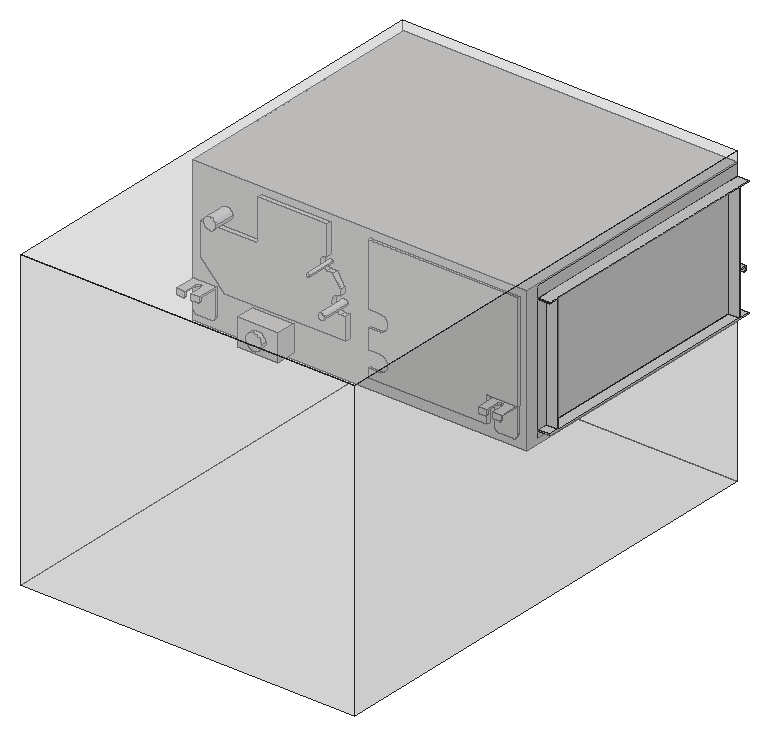
Revit family "outputfile", category 機械設備, Revit 2024
Family settings
  丸型コネクタ寸法 = 半径を使用
  パーツ タイプ = 標準
  OmniClass 番号 = 23.75.10.24.21.27.27
  OmniClass タイトル = Split System Air Conditioning Units
  作業面ベース = いいえ
  常に垂直 = はい
  ロード時にボイドで切り取り = いいえ
  注釈の向きを維持 = いいえ
  共有 = いいえ
  部屋計算ポイント = はい
Parameters (values of type "FXMQ32PAVS")
  Description = ""
  製造元 = "Daikin"
  書き出し IFC クラス(タイプ) = "IfcUnitaryEquipmentType"
  定義済み IFC タイプ(タイプ) = "AIRCONDITIONINGUNIT"
  Cost = 0
  モデル = "FXMQ32PAVS"
  Type Comments = ""
  Keynote = ""
  Type Image = (empty or 0)
  Assembly Code = ""
  r_Liquid Pipe Size = Liquid Pipe Size / 2  # 3.2 mm
  r_Gas Pipe Size = Gas Pipe Size / 2  # 6.35 mm
  r_Drain Pipe Size = Drain Pipe Size / 2  # 12.5 mm
  lw_power = 396.0 mm  # constant formula
  lh_SA = 165.0 mm  # constant formula
  lw_SA = if(Depth = 550.0 mm, 210.0 mm, if(Depth = 700.0 mm, 285.0 mm, if(Depth = 1000.0 mm, 435.0 mm, 635.0 mm)))  # 210.0 mm
  lw_RA = if(Depth = 550.0 mm, 288.0 mm, if(Depth = 700.0 mm, 363.0 mm, if(Depth = 1000.0 mm, 513.0 mm, 713.0 mm)))  # 288.0 mm
  lh_power = 60.0 mm + [h***]  # 60.0 mm
  lh_mountinghole1 = lh_mountinghole + [h***]  # 80.0 mm
  lh_RA = 150.0 mm  # constant formula
  ld_power = Depth / 2  # 275.0 mm
  Voltage_comment_50Hz = "220-240"
  Voltage_50Hz = 220 V
  URL = ""
  Supply Air Direction [instance] = yes
  Sound Power Level_H speed (dB) = 52
  Phase_50Hz = 1
  Minimum External Static Pressure = 30.00 Pa
  Minimum Circuit Amps_50Hz = 0.6 A
  Maximum Fuse Amps_50Hz = 16.0 A
  Maximum External Static Pressure = 100.00 Pa
  Material_Casing = DAIKIN_GalvanizedSteel_Casing_indoorunit
  lw_mountinghole = 631.0 mm  # constant formula
  lh_gaspipe = 144.0 mm + [h***]  # 144.0 mm
  lh_mountinghole = 80.0 mm  # constant formula
  lh_liquidpipe = 212.0 mm + [h***]  # 212.0 mm
  lh_drainpipe = 232.0 mm + [h***]  # 232.0 mm
  lh_antena = Height - lh_mountinghole + 1.0 mm  # 221.0 mm
  ld_drainpipe = Depth / 2 + 54.0 mm  # 329.0 mm
  ld_liquidpipe = 335.0 mm
  ld_gaspipe = 335.0 mm
  ld_mountinghole = Depth + 38.0 mm  # 588.0 mm
  h*** = 0.0 mm  # constant formula
  lw_liquidpipe = 290.0 mm  # constant formula
  lw_gaspipe = 318.0 mm  # constant formula
  lw_drainpipe = 80.0 mm  # constant formula
  Width = 700.0 mm
  Version = "ver.1.0"
  Unit Type = "Middle-High Static Pressure Duct Type"
  Unit Mass Weight = 25.00 kg
  Unit Designation [instance] = ""
  Uniclass2015Version = "Products v1.30"
  Uniclass2015Title = "Variable refrigerant flow units"
  Uniclass2015Code = "Pr_70_65_03_94"
  Total Heating Capacity [instance] = 0.000 kW
  Total Cooling Capacity [instance] = 0.000 kW
  Sound Pressure Level_M speed (dBA) = 0
  Sound Pressure Level_L speed (dBA) = 30
  Sound Pressure Level_H speed (dBA) = 34
  Series = "VRV Fan Coil Unit"
  Sensible Cooling Capacity [instance] = 0.000 kW
  SA Duct Size Width = if(Depth = 550.0 mm, 310.0 mm, if(Depth = 700.0 mm, 460.0 mm, if(Depth = 1000.0 mm, 760.0 mm, 1160.0 mm)))  # 310.0 mm
  SA Duct Size Height = 215.0 mm
  Refrigerant Type = "R410A"
  RA Duct Size Width = if(Depth = 550.0 mm, 475.0 mm, if(Depth = 700.0 mm, 625.0 mm, if(Depth = 1000.0 mm, 925.0 mm, 1325.0 mm)))  # 475.0 mm
  RA Duct Size Height = 247.0 mm
  Power Input (Heating) = 0.073 kW
  Power Input (Cooling) = 0.085 kW
  Option Accessory 3 [instance] = ""
  Option Accessory 2 [instance] = ""
  Option Accessory 1 [instance] = ""
  Nominal Heating Capacity = 4.000 kW
  Nominal Cooling Capacity = 3.600 kW
  Minimum Airflow = 420.00 m³/h
  Median Airflow = 480.00 m³/h
  Maximum Airflow = 570.00 m³/h
  Load Classification = HVAC
  Liquid Pipe Size = 6.4 mm
  Link_Nested Family [instance] = ""
  IfcVersion = "0"
  IfcExportType = "AIRCONDITIONINGUNIT"
  IfcExportAs = "IfcUnitaryEquipmentType"
  Height = 300.0 mm
  Heating Entering Wet Bulb Temperature [instance] = 0.00 °C
  Heating Entering Dry Bulb Temperature [instance] = 0.00 °C
  Heating Ambient Wet Bulb Temperature [instance] = 0.00 °C
  Heating Ambient Dry Bulb Temperature [instance] = 0.00 °C
  Heat Exchanger Type = "Cross Fin Coil"
  Gas Pipe Size = 12.7 mm
  Frequency_50Hz = 50 Hz
  Fan Type = "Sirocco Fan"
  Fan Drive = "Direct Drive"
  FCU Tag No. [instance] = ""
  Drain Pipe Size = 25.0 mm
  Design Supply Airflow [instance] = 0.00 m³/h
  Design Return Airflow [instance] = 0.00 m³/h
  Design External Static Pressure [instance] = 0.00 Pa
  Depth = 550.0 mm
  既定の高さ = 0.0 mm
  Cooling Entering Wet Bulb Temperature [instance] = 0.00 °C
  Cooling Entering Dry Bulb Temperature [instance] = 0.00 °C
  Cooling Ambient Wet Bulb Temperature [instance] = 0.00 °C
  Cooling Ambient Dry Bulb Temperature [instance] = 0.00 °C
  Clearance visibility [instance] = yes
  Clearance Top = 20.0 mm
  Clearance Right = 0.0 mm
  Clearance Rear = 0.0 mm
  Clearance Left = 0.0 mm
  Clearance Front = 450.0 mm
  Clearance Bottom = 300.0 mm
Reference planes
  plane 1 "Center (Front/Back)": y = 0
  plane 2 "h": z = 0
  plane 3 "Center (Left/Right)": x = 0
  plane 4 "Back": y = 275
  plane 5 "Front": y = -275
  plane 6 "Left": x = -350
  plane 7 "Reight": x = 350
  plane 8 "Top": z = 0
  plane 9 "Bottom": z = -300
  plane 10: y = -215
  plane 11: y = 275
  plane 12: y = -725
  plane 13: x = -350
  plane 14: x = 350
  plane 15: z = 20
  plane 16: z = -600
  plane 17: x = -350
  plane 18: z = -135
  plane 19: x = -349
  plane 20: x = 349
  plane 21: y = 65
  plane 22: y = 13
  plane 23: z = -150
  plane 24: y = -285.8
  plane 25: z = -14
  plane 26: z = -219
  plane 27: x = -324
  plane 28: x = -60
  plane 29: x = -20
  plane 30: z = -156
  plane 31: x = -32
  plane 32: z = -88
  plane 33: x = 23
  plane 34: x = 335
  plane 35: z = -15.8
  plane 36: z = -274.8
  plane 37: z = -219.8
  plane 38: x = 271
  plane 39: x = -223.3
  plane 40: x = -138.3
  plane 41: z = -232.7
  plane 42: z = -288.5
  plane 43: y = -316
  plane 44: x = -181
  plane 45: z = -260
  plane 46: y = -326
  plane 47: z = -163.8
  plane 48: z = -239.8
  plane 49: x = 46
  plane 50: z = -88
  plane 51: x = -60
  plane 52: y = -335
  plane 53: z = -156
  plane 54: x = -32
  plane 55: y = -329
  plane 56: z = -68
  plane 57: x = -270
  plane 58: x = -270
  plane 59: x = -60
  plane 60: x = -32
  plane 61: x = 46
  plane 62: x = -323
  plane 63: x = 308
  plane 64: y = -294
  plane 65: y = 294
  plane 66: z = -220
  plane 67: y = -281
  plane 68: x = -204
  plane 69: z = -100.2
  plane 70: x = -374
  plane 71: x = 374
Forms (mm)
  Extrusion 1, solid, material "DAIKIN_GalvanizedSteel_Casing_indoorunit" <- "Material_Casing"
    sketch origin (0, 0, 0) x (1, 0, 0) y (0, 1, 0)
      loop
        line (-349, 275) -> (-349, -275) -> (349, -275) -> (349, 275) -> (-349, 275)
    from -300 to 0
  Extrusion 2, solid, material "DAIKIN_GalvanizedSteel_Casing_indoorunit" <- "Material_Casing"
    sketch origin (0, 0, 0) x (1, 0, 0) y (0, 0, 1)
      loop
        line (-324, -100.2) -> (-324, -168) -> (-273, -219) -> (-20, -219) -> (-20, -173.5) -> (-32, -173.5)
        arc (-32, -173.5) -> (-49.5, -156) -> (-32, -138.5) r 17.5
        line (-32, -138.5) -> (-32, -127.5) -> (-47, -101) -> (-60, -101)
        arc (-60, -101) -> (-73, -88) -> (-60, -75) r 13
        line (-60, -75) -> (-60, -14) -> (-204, -14) -> (-204, -100.2) -> (-324, -100.2)
    from 275 to 285.8
  Extrusion 3, solid, material "DAIKIN_GalvanizedSteel_Casing_indoorunit" <- "Material_Casing"
    sketch origin (0, 0, 0) x (1, 0, 0) y (0, 0, 1)
      loop
        line (23, -274.8) -> (271, -274.8) -> (271, -219.8) -> (335, -219.8) -> (335, -15.8) -> (23, -15.8) -> (23, -146.3) -> (46, -146.3)
        arc (46, -146.3) -> (63.5, -163.8) -> (46, -181.3) r 17.5
        line (46, -181.3) -> (23, -181.3) -> (23, -222.3) -> (46, -222.3)
        arc (46, -222.3) -> (63.5, -239.8) -> (46, -257.3) r 17.5
        line (46, -257.3) -> (23, -257.3) -> (23, -274.8)
    from 275 to 281
  Extrusion 4, solid, material "DAIKIN_GalvanizedSteel_Casing_indoorunit" <- "Material_Casing"
    sketch origin (0, 0, 0) x (1, 0, 0) y (0, 0, 1)
      loop
        line (-223.3, -232.7) -> (-223.3, -288.5) -> (-138.3, -288.5) -> (-138.3, -232.7) -> (-223.3, -232.7)
    from 275 to 316
  Extrusion 5, solid, material "DAIKIN_GalvanizedSteel_Casing_indoorunit" <- "Material_Casing"
    sketch origin (0, 0, 0) x (1, 0, 0) y (0, 0, 1)
      loop
        circle (-181, -260) r 16.5
    from 316 to 326
  Extrusion 6, solid
    sketch origin (0, 0, 0) x (1, 0, 0) y (0, 0, 1)
      loop
        circle (-60, -88) r 3.2
    from 275 to 335
  Extrusion 7, solid
    sketch origin (0, 0, 0) x (1, 0, 0) y (0, 0, 1)
      loop
        circle (-32, -156) r 6.35
    from 275 to 335
  Extrusion 8, solid
    sketch origin (0, 0, 0) x (1, 0, 0) y (0, 0, 1)
      loop
        circle (-270, -68) r 12.5
    from 285.8 to 329
Dimensions and locks
  "Height": plane 8 "Top" to plane 9 "Bottom"
  equal spacing: plane 4 "Back", plane 1 "Center (Front/Back)", plane 5 "Front"
  "Depth": plane 4 "Back" to plane 5 "Front"
  equal spacing: plane 6 "Left", plane 3 "Center (Left/Right)", plane 7 "Reight"
  "Width": plane 6 "Left" to plane 7 "Reight"
  "Clearance Left": plane 13 to plane 6 "Left"
  "Clearance Right": plane 7 "Reight" to plane 14
  "Clearance Rear": plane 11 to plane 4 "Back"
  "Clearance Front": plane 5 "Front" to plane 12
  "Clearance Top": plane 15 to plane 8 "Top"
  "Clearance Bottom": plane 9 "Bottom" to plane 16
  "lh_SA": plane 18 to plane 9 "Bottom"
  locked: plane 17 to plane 19 at 1
  locked: plane 20 to plane 14 at 1
  "lw_SA": plane 11 to plane 21
  "lw_RA": plane 22 to plane 5 "Front"
  "lh_RA": plane 23 to plane 9 "Bottom"
  locked: plane 5 "Front" to plane 24 at 10.8
  plane 29 to plane 28 to plane 27 to plane 6 "Left" = 40.0 mm, 264.0 mm, 26.0 mm
  locked: plane 31 to plane 6 "Left" at 318
  plane 34 to plane 33 to plane 6 "Left" = 312.0 mm locked, 373.0 mm locked
  locked: plane 34 to plane 38 at 64
  locked: plane 37 to plane 36 at 55
  plane 40 to plane 39 to plane 6 "Left" = 85.0 mm locked, 126.7 mm locked
  locked: plane 5 "Front" to plane 43 at 41
  locked: plane 44 to plane 6 "Left" at 169
  locked: plane 43 to plane 46 at 10
  plane 47 to plane 48 to plane 36 = 76.0 mm locked, 35.0 mm locked
  locked: plane 49 to plane 33 at 23
  "lw_liquidpipe": plane 51 to plane 6 "Left"
  "lh_liquidpipe": plane 50 to plane 9 "Bottom"
  "lh_gaspipe": plane 53 to plane 9 "Bottom"
  "lw_gaspipe": plane 54 to plane 6 "Left"
  "ld_gaspipe": plane 52 to plane 1 "Center (Front/Back)"
  "ld_drainpipe": plane 55 to plane 1 "Center (Front/Back)"
  "lh_drainpipe": plane 56 to plane 9 "Bottom"
  "lw_drainpipe": plane 57 to plane 6 "Left"
  "lw_drainpipe": plane 6 "Left" to plane 58
  "lw_liquidpipe": plane 6 "Left" to plane 59
  "lw_gaspipe": plane 6 "Left" to plane 60
  "lw_power": plane 6 "Left" to plane 61
  plane 17 to plane 62 = 27.0 mm
  "lw_mountinghole": plane 62 to plane 63
  equal spacing: plane 64, plane 1 "Center (Front/Back)", plane 65
  "ld_mountinghole": plane 65 to plane 64
  "lh_mountinghole": plane 66 to plane 9 "Bottom"
  plane 8 "Top" to plane 41 to plane 42 = 232.7 mm locked, 55.8 mm locked
  locked: plane 8 "Top" to plane 45 at 260
  plane 8 "Top" to plane 25 to plane 26 = 14.0 mm locked, 205.0 mm locked
  plane 8 "Top" to plane 32 to plane 30 = 88.0 mm locked, 68.0 mm locked
  plane 8 "Top" to plane 35 to plane 36 = 15.8 mm locked, 259.0 mm locked
  locked: plane 5 "Front" to plane 67 at 6
  locked: plane 25 to plane 69 at 86.2
  locked: plane 27 to plane 68 at 120
  locked: plane 70 to plane 6 "Left" at 24
  locked: plane 14 to plane 71 at 24
  "r_Liquid Pipe Size": radius of Extrusion 6 sketch curve
  "r_Gas Pipe Size": radius of Extrusion 7 sketch curve
  "r_Drain Pipe Size": radius of Extrusion 8 sketch curve
  aligned and locked: level to plane 2 "h"
  aligned and locked: plane 8 "Top" to Extrusion 1
  aligned and locked: Extrusion 1 to plane 9 "Bottom"
  aligned and locked: nested 5 to plane 12
  aligned and locked: plane 13 to nested 5
  aligned and locked: plane 14 to nested 5
  aligned and locked: nested 5 to plane 13
  aligned and locked: plane 11 to nested 5
  aligned and locked: plane 15 to nested 5
  aligned and locked: plane 16 to nested 5
  aligned and locked: plane 5 "Front" to Extrusion 1 sketch curve
  aligned and locked: Extrusion 1 to plane 19
  aligned and locked: plane 20 to Extrusion 1
  aligned and locked: nested 7 to plane 19
  aligned and locked: nested 7 to plane 21
  aligned and locked: plane 18 to nested 7
  aligned and locked: plane 20 to nested 8
  aligned and locked: plane 22 to nested 8
  aligned and locked: plane 23 to nested 8
  aligned and locked: Extrusion 2 to plane 24
  aligned and locked: plane 5 "Front" to Extrusion 2
  aligned and locked: plane 36 to Extrusion 3 sketch curve
  aligned and locked: plane 38 to Extrusion 3 sketch curve
  aligned and locked: plane 37 to Extrusion 3 sketch curve
  aligned and locked: Extrusion 3 sketch curve to plane 34
  aligned and locked: Extrusion 3 sketch curve to plane 35
  aligned and locked: Extrusion 3 sketch curve to plane 33
  aligned and locked: plane 5 "Front" to Extrusion 3
  aligned and locked: Extrusion 4 sketch curve to plane 41
  aligned and locked: Extrusion 4 sketch curve to plane 39
  aligned and locked: plane 42 to Extrusion 4 sketch curve
  aligned and locked: plane 40 to Extrusion 4 sketch curve
  aligned and locked: Extrusion 4 to plane 43
  aligned and locked: plane 5 "Front" to Extrusion 4
  aligned and locked: Extrusion 5 sketch curve to plane 44
  aligned and locked: plane 45 to Extrusion 5 sketch curve
  aligned and locked: Extrusion 5 to plane 46
  aligned and locked: plane 43 to Extrusion 5
  aligned and locked: Extrusion 6 sketch curve to plane 51
  aligned and locked: plane 50 to Extrusion 6 sketch curve
  aligned and locked: Extrusion 6 to plane 52
  aligned and locked: plane 5 "Front" to Extrusion 6
  aligned and locked: Extrusion 7 sketch curve to plane 54
  aligned and locked: plane 53 to Extrusion 7 sketch curve
  aligned and locked: Extrusion 7 to Extrusion 6
  aligned and locked: plane 5 "Front" to Extrusion 7
  aligned and locked: Extrusion 8 sketch curve to plane 57
  aligned and locked: plane 56 to Extrusion 8 sketch curve
  aligned and locked: Extrusion 8 to plane 55
  aligned and locked: plane 24 to Extrusion 8
  aligned and locked: nested 3 to plane 55
  aligned and locked: plane 58 to nested 3
  aligned and locked: nested 2 to plane 59
  aligned and locked: nested 2 to plane 52
  aligned and locked: nested 1 to plane 60
  aligned and locked: Extrusion 7 to plane 52
  aligned and locked: nested 1 to plane 52
  aligned and locked: nested 6 to plane 5 "Front"
  aligned and locked: plane 61 to nested 6
  aligned and locked: plane 62 to nested 10
  aligned and locked: nested 10 to plane 5 "Front"
  aligned and locked: plane 63 to nested 9
  aligned and locked: nested 9 to plane 5 "Front"
  aligned and locked: nested 11 to plane 62
  aligned and locked: plane 4 "Back" to nested 11
  aligned and locked: nested 12 to plane 63
  aligned and locked: plane 4 "Back" to nested 12
  aligned and locked: plane 66 to nested 10
  aligned and locked: plane 66 to nested 11
  aligned and locked: plane 66 to nested 9
  aligned and locked: plane 66 to nested 12
  aligned and locked: plane 62 to nested 14
  aligned and locked: nested 14 to plane 65
  aligned and locked: plane 63 to nested 13
  aligned and locked: nested 13 to plane 65
  aligned and locked: plane 63 to nested 16
  aligned and locked: plane 64 to nested 16
  aligned and locked: plane 64 to nested 15
  aligned and locked: plane 62 to nested 15
  aligned and locked: Extrusion 3 to plane 67
  aligned and locked: Extrusion 2 sketch curve to plane 68
  aligned and locked: plane 69 to Extrusion 2 sketch curve
  aligned and locked: nested 17 to plane 21
  aligned and locked: nested 17 to plane 70
  aligned and locked: plane 18 to nested 17
  aligned and locked: plane 22 to nested 18
  aligned and locked: plane 71 to nested 18
  aligned and locked: nested 18 to plane 23
  aligned and locked: nested 4 to plane 3 "Center (Left/Right)"
  aligned and locked: plane 1 "Center (Front/Back)" to nested 4
  aligned and locked: level to plane 8 "Top"
Automatic sketch dimensions
  plane 6 "Left" to Extrusion 1 sketch curve = 1.0 mm
  Extrusion 1 sketch curve to plane 7 "Reight" = 1.0 mm
  Extrusion 1 sketch curve to plane 4 "Back" = 0.0 mm
  Extrusion 3 sketch curve to plane 33 = 0.0 mm  (x2)
  Extrusion 3 sketch curve to plane 47 = 0.0 mm
  Extrusion 3 sketch curve to plane 49 = 0.0 mm  (x4)
  Extrusion 3 sketch curve to plane 48 = 0.0 mm
  Extrusion 3 sketch curve to plane 37 = 2.5 mm
  plane 23 to Extrusion 3 sketch curve = 3.7 mm
  plane 27 to Extrusion 2 sketch curve = 0.0 mm
  Extrusion 2 sketch curve to plane 26 = 0.0 mm
  Extrusion 2 sketch curve to plane 28 = 0.0 mm
  Extrusion 2 sketch curve to plane 31 = 0.0 mm
  Extrusion 2 sketch curve to plane 29 = 0.0 mm
  Extrusion 2 sketch curve to plane 30 = 0.0 mm
  Extrusion 2 sketch curve to plane 32 = 0.0 mm
  Extrusion 2 sketch curve to plane 25 = 0.0 mm
  Extrusion 2 sketch curve to Extrusion 2 sketch curve = 13.0 mm
  Extrusion 2 sketch curve to Extrusion 2 sketch curve = 17.5 mm
  plane 18 to Extrusion 2 sketch curve = 7.5 mm
  Extrusion 2 sketch curve to plane 58 = 3.0 mm
  Extrusion 2 sketch curve to plane 30 = 12.0 mm
  Extrusion 2 sketch curve to Extrusion 2 sketch curve = 0.8 mm
  radius of Extrusion 5 sketch curve = 16.5 mm
Nested families
  nested 1: "daikin_connector_rotate2" at (-32, 0, -156), length <- "ld_gaspipe", built-in parameter 1001364 <- "lh_gaspipe", radius <- "r_Gas Pipe Size", type "daikin_connector_rotate2"
    with radius 6.35 mm, length 335.0 mm, angle_vertical 90.00°
  nested 2: "daikin_connector_rotate2" at (-60, 0, -88), length <- "ld_liquidpipe", built-in parameter 1001364 <- "lh_liquidpipe", radius <- "r_Liquid Pipe Size", type "daikin_connector_rotate2"
    with radius 3.2 mm, length 335.0 mm, angle_vertical 90.00°
  nested 3: "daikin_connector_rotate2" at (-270, 0, -68), length <- "ld_drainpipe", built-in parameter 1001364 <- "lh_drainpipe", radius <- "r_Drain Pipe Size", type "daikin_connector_rotate2"
    with radius 12.5 mm, length 329.0 mm, angle_vertical 90.00°
  nested 4: "daikin_△_symbolicline" at (0, 0, 300) x (0, -1, 0) z (0, 0, 1), built-in parameter 1001364 <- "Height", visible <- "Supply Air Direction", type "daikin_△_symbolicline"
    with length 200.0 mm
  nested 5: "daikin_clearancespace" at (0, -225, -289.881), visible <- "Clearance visibility", show <- "Clearance visibility", Link_Nested Family <- "Link_Nested Family", type "daikin_clearancespace"
    with width 700.0 mm, show yes, height 620.0 mm, depth 1000.0 mm, Link_Nested Family ""
  nested 6: "daikin_connector_rotate2" at (46, 0, -240), built-in parameter 1001364 <- "lh_power", length <- "ld_power", type "daikin_connector_rotate2"
    with radius 10.0 mm, length 275.0 mm, angle_vertical 90.00°
  nested 7: "daikin_ductflange_FXMQ-PAVS2" at (-349, 65, -135) x (0, -1, 0) z (0, 0, 1), type "daikin_ductflange_FXMQ-PAVS2"
  nested 8: "daikin_ductflange_FXMQ-PAVS" at (349, 13, -150) x (0, 1, 0) z (0, 0, 1), type "daikin_ductflange_FXMQ-PAVS"
  nested 9: "daikin_hangerfixture_FXMQ-PAVS" at (308, -275, -220), type "daikin_hangerfixture_FXMQ-PAVS"
  nested 10: "daikin_hangerfixture_FXMQ-PAVS" at (-323, -275, -220), type "daikin_hangerfixture_FXMQ-PAVS"
  nested 11: "daikin_hangerfixture_FXMQ-PAVS" at (-323, 275, -220) x (-1, 0, 0) z (0, 0, 1), type "daikin_hangerfixture_FXMQ-PAVS"
  nested 12: "daikin_hangerfixture_FXMQ-PAVS" at (308, 275, -220) x (-1, 0, 0) z (0, 0, 1), type "daikin_hangerfixture_FXMQ-PAVS"
  nested 13: "daikin_mountinghole" at (308, 294, -300), h_mountinghole <- "lh_mountinghole1", l_antenna <- "lh_antena", Link_Nested Family <- "Link_Nested Family", type "daikin_mountinghole"
    with show yes, l_antenna 221.0 mm, h_mountinghole 80.0 mm, Link_Nested Family ""
  nested 14: "daikin_mountinghole" at (-323, 294, -300), h_mountinghole <- "lh_mountinghole1", l_antenna <- "lh_antena", Link_Nested Family <- "Link_Nested Family", type "daikin_mountinghole"
    with show yes, l_antenna 221.0 mm, h_mountinghole 80.0 mm, Link_Nested Family ""
  nested 15: "daikin_mountinghole" at (-323, -294, -300), h_mountinghole <- "lh_mountinghole1", l_antenna <- "lh_antena", Link_Nested Family <- "Link_Nested Family", type "daikin_mountinghole"
    with show yes, l_antenna 221.0 mm, h_mountinghole 80.0 mm, Link_Nested Family ""
  nested 16: "daikin_mountinghole" at (308, -294, -300), h_mountinghole <- "lh_mountinghole1", l_antenna <- "lh_antena", Link_Nested Family <- "Link_Nested Family", type "daikin_mountinghole"
    with show yes, l_antenna 221.0 mm, h_mountinghole 80.0 mm, Link_Nested Family ""
  nested 17: "daikin_connector_rotate2" at (-350, 65, -135) x (0, -1, 0) z (0, 0, 1), type "daikin_connector_rotate2"
    with radius 10.0 mm, length 24.0 mm, angle_vertical 90.00°
  nested 18: "daikin_connector_rotate2" at (350, 13, -150) x (0, 1, 0) z (0, 0, 1), type "daikin_connector_rotate2"
    with radius 10.0 mm, length 24.0 mm, angle_vertical 90.00°
Connectors
  piping at (-270, -329, -68), diameter 25, driven by "r_Drain Pipe Size"
    settings: on nested 3, index 3, connector inside diameter 609.6 mm, connector length 0.0 mm, flow factor 0, pipe flow 0.00 m³/h, pressure drop 0.0 Pa, fitting loss kfactor 0, connector angle 0.00°, fixture units 0, engagement length 0.0 mm, angle of deflection 0.00°, flow configuration 1, flow direction 2, fitting loss method 4, system type 16, joint type 0, gender type 0, connector reference index -1, connector utility 0, adjustable connector no, is connector primary yes, connector description "Condensate Drain Piping"
  piping at (-32, -335, -156), diameter 12.7, driven by "r_Gas Pipe Size"
    settings: on nested 1, index 4, connector inside diameter 609.6 mm, connector length 0.0 mm, flow factor 0, pipe flow 0.00 m³/h, pressure drop 0.0 Pa, fitting loss kfactor 0, connector angle 0.00°, fixture units 0, engagement length 0.0 mm, angle of deflection 0.00°, flow configuration 1, flow direction 2, fitting loss method 0, system type 29, joint type 0, gender type 0, connector reference index -1, connector utility 0, adjustable connector no, is connector primary no, connector description "Refrigerant Gas Piping"
  piping at (-60, -335, -88), diameter 6.4, driven by "r_Liquid Pipe Size"
    settings: on nested 2, index 5, connector inside diameter 609.6 mm, connector length 0.0 mm, flow factor 0, pipe flow 0.00 m³/h, pressure drop 0.0 Pa, fitting loss kfactor 0, connector angle 0.00°, fixture units 0, engagement length 0.0 mm, angle of deflection 0.00°, flow configuration 1, flow direction 1, fitting loss method 0, system type 29, joint type 0, gender type 0, connector reference index -1, connector utility 0, adjustable connector no, is connector primary no, connector description "Refrigerant Liquid Piping"
  electrical at (46, -275, -240), driven by "Load Classification"
    settings: on nested 6, index 6, voltage 0 V, apparent load 0 VA, apparent load phase1 0 VA, apparent load phase2 0 VA, apparent load phase3 0 VA, power factor 1, load classification "HVAC", number of poles 1, system type 30, power factor state 1, is connector primary yes, connector utility no, sub classification motor no, connector description "Power Supply"
  hvac at (-374, 65, -135), driven by "SA Duct Size Height", driven by "SA Duct Size Width"
    settings: on nested 17, index 7, duct flow 0.00 m³/h, flow factor 0, pres drop 0.00 Pa, loss coef 0, conn angle 0.00°, conn width 310.0 mm, conn height 215.0 mm, conn diameter 609.6 mm, duct sys type 1, conn prof type 1, flow config 0, flow direction 2, loss method 4, conn ref index -1, conn util no, is conn primary yes, conn desc "SA Duct"
  hvac at (374, 13, -150), driven by "RA Duct Size Height", driven by "RA Duct Size Width"
    settings: on nested 18, index 8, duct flow 0.00 m³/h, flow factor 0, pres drop 0.00 Pa, loss coef 0, conn angle 0.00°, conn width 475.0 mm, conn height 247.0 mm, conn diameter 609.6 mm, duct sys type 2, conn prof type 1, flow config 0, flow direction 1, loss method 4, conn ref index -1, conn util no, is conn primary no, conn desc "RA Duct"
Definition of nested family "daikin_clearancespace"
  Parameters (values of type "daikin_clearancespace")
    width [instance] = 1823.963 mm
    show [instance] = yes
    material = none
    height [instance] = 1359.762 mm
    depth [instance] = 880.0 mm
    Default Elevation = 0.0 mm
    Link_Nested Family [instance] = ""
  Reference planes
    plane 1 "Center (Front/Back)": y = 0
    plane 2 "Center (Elevation)": z = -0.119
    plane 3 "Center (Left/Right)": x = 0
    plane 4: y = 440
    plane 5: y = -440
    plane 6 "Right": x = 911.982
    plane 7 "Left": x = -911.982
    plane 8 "Top": z = 679.762
    plane 9 "Bottom": z = -680
  Forms (mm)
    Extrusion 1, solid, material <- "material", visible <- "show"
      sketch origin (0, 0, 0) x (1, 0, 0) y (0, 1, 0)
        loop
          line (-911.982, 440) -> (-911.982, -440) -> (911.982, -440) -> (911.982, 440) -> (-911.982, 440)
      from -680 to 679.762
  Lines and regions (mm)
    symbolic lines, visible <- "show"
      curve 1: line (911.982, 440, 0) -> (-911.982, 440, 0)
      curve 2: line (-911.982, 440, 0) -> (-911.982, -440, 0)
      curve 3: line (-911.982, -440, 0) -> (911.982, -440, 0)
      curve 4: line (911.982, -440, 0) -> (911.982, 440, 0)
      curve 5: line (911.982, 0, 679.762) -> (-911.982, 0, 679.762)
      curve 6: line (911.982, 0, -680) -> (911.982, 0, 679.762)
      curve 7: line (-911.982, 0, -680) -> (911.982, 0, -680)
      curve 8: line (-911.982, 0, 679.762) -> (-911.982, 0, -680)
      curve 9: line (0, 440, 679.762) -> (0, -440, 679.762)
      curve 10: line (0, -440, 679.762) -> (0, -440, -680)
      curve 11: line (0, 440, -680) -> (0, 440, 679.762)
      curve 12: line (0, -440, -680) -> (0, 440, -680)
  Dimensions and locks
    "width": plane 7 "Left" to plane 6 "Right"
    "depth": plane 4 to plane 5
    "height": plane 8 "Top" to plane 9 "Bottom"
    equal spacing: plane 7 "Left", plane 3 "Center (Left/Right)", plane 6 "Right"
    equal spacing: plane 4, plane 1 "Center (Front/Back)", plane 5
    equal spacing: plane 8 "Top", plane 2 "Center (Elevation)", plane 9 "Bottom"
    aligned and locked: level to plane 2 "Center (Elevation)"
    aligned and locked: Extrusion 1 sketch curve to plane 4
    aligned and locked: plane 7 "Left" to Extrusion 1 sketch curve
    aligned and locked: Extrusion 1 sketch curve to plane 5
    aligned and locked: Extrusion 1 sketch curve to plane 6 "Right"
    aligned and locked: plane 8 "Top" to Extrusion 1
    aligned and locked: curve 1 to Extrusion 1
    aligned and locked: curve 2 to Extrusion 1
    aligned and locked: curve 3 to Extrusion 1
    aligned and locked: curve 4 to Extrusion 1
    aligned and locked: curve 5 to Extrusion 1
    aligned and locked: curve 6 to Extrusion 1
    aligned and locked: curve 7 to Extrusion 1
    aligned and locked: curve 8 to Extrusion 1
    aligned and locked: curve 9 to Extrusion 1
    aligned and locked: curve 10 to Extrusion 1
    aligned and locked: curve 11 to Extrusion 1
    aligned and locked: curve 12 to Extrusion 1
    aligned and locked: Extrusion 1 to plane 9 "Bottom"
Definition of nested family "daikin_ductflange_FXMQ-PAVS2"
  Parameters (values of type "daikin_ductflange_FXDSQ-AVM2")
    width = if(w = 550.0 mm, 310.0 mm, if(w = 700.0 mm, 460.0 mm, if(w = 1000.0 mm, 760.0 mm, 1160.0 mm)))  # 310.0 mm
    material = none
    height = 215.0 mm
    depth = 1.0 mm
    w = 550.0 mm
    Default Elevation = 0.0 mm
  Reference planes
    plane 1 "Center (Front/Back)": y = 0
    plane 2: z = 0
    plane 3 "Center (Left/Right)": x = 0
    plane 4: z = 107.5
    plane 5: z = -107.5
    plane 6: y = -25
    plane 7: z = 132.5
    plane 8: z = 108.5
    plane 9: y = -1
    plane 10: x = -177.5
    plane 11: x = 177.5
    plane 12: z = -132.5
    plane 13: z = -108.5
    plane 14: y = -1
    plane 15: x = 155
    plane 16: x = -155
    plane 17: x = 156
    plane 18: z = 106.5
    plane 19: z = -106.5
    plane 20: x = -156
    plane 21: z = 106.5
    plane 22: z = -106.5
    plane 23: y = -1
  Forms (mm)
    Extrusion 1, solid, material <- "material"
      sketch origin (0, 0, 0) x (0, 1, 0) y (0, 0, 1)
        loop
          line (-25, 107.5) -> (0, 107.5) -> (0, 132.5) -> (-1, 132.5) -> (-1, 108.5) -> (-25, 108.5) -> (-25, 107.5)
      from -177.5 to 177.5
    Extrusion 2, solid, material <- "material"
      sketch origin (0, 0, 0) x (0, 1, 0) y (0, 0, 1)
        loop
          line (-25, -107.5) -> (-25, -108.5) -> (-1, -108.5) -> (-1, -132.5) -> (0, -132.5) -> (0, -107.5) -> (-25, -107.5)
      from -177.5 to 177.5
    Extrusion 3, solid, material <- "material"
      sketch origin (0, 0, 0) x (1, 0, 0) y (0, 0, 1)
        loop
          line (155, 107.5) -> (155, -107.5) -> (177.5, -107.5) -> (177.5, -106.5) -> (156, -106.5) -> (156, 106.5) -> (177.5, 106.5) -> (177.5, 107.5) -> (155, 107.5)
      from 0 to 25
    Extrusion 4, solid, material <- "material"
      sketch origin (0, 0, 0) x (1, 0, 0) y (0, 0, 1)
        loop
          line (-177.5, 107.5) -> (-177.5, 106.5) -> (-156, 106.5) -> (-156, -106.5) -> (-177.5, -106.5) -> (-177.5, -107.5) -> (-155, -107.5) -> (-155, 107.5) -> (-177.5, 107.5)
      from 0 to 25
    Extrusion 5, solid, material <- "material"
      sketch origin (0, 0, 0) x (1, 0, 0) y (0, 0, 1)
        loop
          line (-177.5, 107.5) -> (-177.5, -107.5) -> (-155, -107.5) -> (-155, 107.5) -> (-177.5, 107.5)
        loop
          line (177.5, 107.5) -> (155, 107.5) -> (155, -107.5) -> (177.5, -107.5) -> (177.5, 107.5)
      from 0 to 1
  Cuts and joins
    joined: Extrusion 1, Extrusion 2, Extrusion 3, Extrusion 4, Extrusion 5
  Dimensions and locks
    plane 4 to level to plane 5 = 107.5 mm locked, 107.5 mm locked
    locked: plane 6 to plane 1 "Center (Front/Back)" at 25
    locked: plane 9 to plane 1 "Center (Front/Back)" at 1
    locked: plane 8 to plane 4 at 1
    locked: plane 11 to plane 15 at 22.5
    locked: plane 16 to plane 10 at 22.5
    locked: plane 17 to plane 15 at 1
    locked: plane 4 to plane 18 at 1
    locked: plane 19 to plane 5 at 1
    "width": plane 15 to plane 16
    plane 4 to plane 5 = 215.0 mm
    equal spacing: plane 15, plane 3 "Center (Left/Right)", plane 16
    locked: plane 16 to plane 20 at 1
    locked: plane 4 to plane 21 at 1
    locked: plane 22 to plane 5 at 1
    locked: plane 23 to plane 1 "Center (Front/Back)" at 1
    aligned and locked: level to plane 2
    aligned and locked: Extrusion 1 to plane 10
    aligned and locked: plane 11 to Extrusion 1
    aligned and locked: plane 5 to Extrusion 2
    aligned and locked: Extrusion 2 to plane 1 "Center (Front/Back)"
    aligned and locked: plane 15 to Extrusion 3 sketch curve
    aligned and locked: Extrusion 3 sketch curve to Extrusion 2  (x2)
    aligned and locked: Extrusion 3 sketch curve to plane 11
    aligned and locked: plane 6 to Extrusion 3
    aligned and locked: Extrusion 2 to plane 10
    aligned and locked: plane 11 to Extrusion 2
    aligned and locked: Extrusion 4 sketch curve to Extrusion 1  (x2)
    aligned and locked: plane 5 to Extrusion 4 sketch curve
    aligned and locked: Extrusion 4 sketch curve to plane 16
    aligned and locked: Extrusion 4 sketch curve to plane 22
    aligned and locked: plane 20 to Extrusion 4 sketch curve
    aligned and locked: plane 21 to Extrusion 4 sketch curve
    aligned and locked: Extrusion 4 to plane 1 "Center (Front/Back)"
    aligned and locked: plane 6 to Extrusion 4
    aligned and locked: Extrusion 5 sketch curve to Extrusion 1  (x4)
    aligned and locked: Extrusion 5 sketch curve to Extrusion 4  (x2)
    aligned and locked: Extrusion 5 sketch curve to Extrusion 3  (x2)
    aligned and locked: Extrusion 5 to plane 1 "Center (Front/Back)"
    aligned and locked: plane 23 to Extrusion 5
  Automatic sketch dimensions
    Extrusion 1 sketch curve to plane 6 = 0.0 mm
    Extrusion 1 sketch curve to plane 7 = 0.0 mm
    Extrusion 1 sketch curve to plane 9 = 0.0 mm
    Extrusion 1 sketch curve to plane 1 "Center (Front/Back)" = 0.0 mm
    Extrusion 1 sketch curve to plane 4 = 0.0 mm
    Extrusion 1 sketch curve to plane 8 = 0.0 mm
    Extrusion 2 sketch curve to plane 6 = 0.0 mm
    plane 12 to Extrusion 2 sketch curve = 0.0 mm
    Extrusion 2 sketch curve to plane 14 = 0.0 mm
    Extrusion 2 sketch curve to plane 1 "Center (Front/Back)" = 0.0 mm
    plane 13 to Extrusion 2 sketch curve = 0.0 mm
    Extrusion 2 sketch curve to plane 5 = 0.0 mm
    Extrusion 3 sketch curve to plane 17 = 0.0 mm
    Extrusion 3 sketch curve to plane 19 = 0.0 mm
    Extrusion 3 sketch curve to plane 18 = 0.0 mm
    Extrusion 3 sketch curve to plane 4 = 0.0 mm
    Extrusion 4 sketch curve to plane 10 = 0.0 mm
Definition of nested family "daikin_ductflange_FXMQ-PAVS"
  Parameters (values of type "daikin_ductflange_FXDSQ-AVM")
    width = if(w = 550.0 mm, 475.0 mm, if(w = 700.0 mm, 625.0 mm, if(w = 1000.0 mm, 925.0 mm, 1325.0 mm)))  # 475.0 mm
    material = none
    height = 247.0 mm
    depth = 1.0 mm
    w = 550.0 mm
    Default Elevation = 0.0 mm
  Reference planes
    plane 1 "Center (Front/Back)": y = 0
    plane 2: z = 0
    plane 3 "Center (Left/Right)": x = 0
    plane 4: z = 123.5
    plane 5: z = -123.5
    plane 6: y = -25
    plane 7: z = 146.5
    plane 8: z = 124.5
    plane 9: y = -1
    plane 10: x = -260
    plane 11: x = 260
    plane 12: z = -137
    plane 13: z = -124.5
    plane 14: y = -1
    plane 15: x = 237.5
    plane 16: x = -237.5
    plane 17: x = 238.5
    plane 18: z = 122.5
    plane 19: z = -122.5
    plane 20: x = -238.5
    plane 21: z = 122.5
    plane 22: z = -122.5
    plane 23: y = -1
  Forms (mm)
    Extrusion 1, solid, material <- "material"
      sketch origin (0, 0, 0) x (0, 1, 0) y (0, 0, 1)
        loop
          line (-25, 123.5) -> (0, 123.5) -> (0, 146.5) -> (-1, 146.5) -> (-1, 124.5) -> (-25, 124.5) -> (-25, 123.5)
      from -260 to 260
    Extrusion 2, solid, material <- "material"
      sketch origin (0, 0, 0) x (0, 1, 0) y (0, 0, 1)
        loop
          line (-25, -123.5) -> (-25, -124.5) -> (-1, -124.5) -> (-1, -137) -> (0, -137) -> (0, -123.5) -> (-25, -123.5)
      from -260 to 260
    Extrusion 3, solid, material <- "material"
      sketch origin (0, 0, 0) x (1, 0, 0) y (0, 0, 1)
        loop
          line (237.5, 123.5) -> (237.5, -123.5) -> (260, -123.5) -> (260, -122.5) -> (238.5, -122.5) -> (238.5, 122.5) -> (260, 122.5) -> (260, 123.5) -> (237.5, 123.5)
      from 0 to 25
    Extrusion 4, solid, material <- "material"
      sketch origin (0, 0, 0) x (1, 0, 0) y (0, 0, 1)
        loop
          line (-260, 123.5) -> (-260, 122.5) -> (-238.5, 122.5) -> (-238.5, -122.5) -> (-260, -122.5) -> (-260, -123.5) -> (-237.5, -123.5) -> (-237.5, 123.5) -> (-260, 123.5)
      from 0 to 25
    Extrusion 5, solid, material <- "material"
      sketch origin (0, 0, 0) x (1, 0, 0) y (0, 0, 1)
        loop
          line (-260, 123.5) -> (-260, -123.5) -> (-237.5, -123.5) -> (-237.5, 123.5) -> (-260, 123.5)
        loop
          line (260, 123.5) -> (237.5, 123.5) -> (237.5, -123.5) -> (260, -123.5) -> (260, 123.5)
      from 0 to 1
  Cuts and joins
    joined: Extrusion 1, Extrusion 2, Extrusion 3, Extrusion 4, Extrusion 5
  Dimensions and locks
    plane 4 to level to plane 5 = 123.5 mm, 123.5 mm
    locked: plane 6 to plane 1 "Center (Front/Back)" at 25
    locked: plane 9 to plane 1 "Center (Front/Back)" at 1
    locked: plane 8 to plane 4 at 1
    locked: plane 11 to plane 15 at 22.5
    locked: plane 16 to plane 10 at 22.5
    locked: plane 17 to plane 15 at 1
    locked: plane 4 to plane 18 at 1
    locked: plane 19 to plane 5 at 1
    "width": plane 15 to plane 16
    equal spacing: plane 15, plane 3 "Center (Left/Right)", plane 16
    locked: plane 16 to plane 20 at 1
    locked: plane 4 to plane 21 at 1
    locked: plane 22 to plane 5 at 1
    locked: plane 23 to plane 1 "Center (Front/Back)" at 1
    equal spacing: plane 4, level, plane 5
    locked: plane 7 to plane 4 at 23
    locked: plane 5 to plane 12 at 13.5
    locked: plane 1 "Center (Front/Back)" to plane 14 at 1
    locked: plane 5 to plane 13 at 1
    locked: plane 4 to plane 5 at 247
    aligned and locked: level to plane 2
    aligned and locked: Extrusion 1 to plane 10
    aligned and locked: plane 11 to Extrusion 1
    aligned and locked: plane 5 to Extrusion 2
    aligned and locked: Extrusion 2 to plane 1 "Center (Front/Back)"
    aligned and locked: plane 15 to Extrusion 3 sketch curve
    aligned and locked: Extrusion 3 sketch curve to Extrusion 2  (x2)
    aligned and locked: Extrusion 3 sketch curve to plane 11
    aligned and locked: plane 6 to Extrusion 3
    aligned and locked: Extrusion 2 to plane 10
    aligned and locked: plane 11 to Extrusion 2
    aligned and locked: Extrusion 4 sketch curve to Extrusion 1  (x2)
    aligned and locked: plane 5 to Extrusion 4 sketch curve
    aligned and locked: Extrusion 4 sketch curve to plane 16
    aligned and locked: Extrusion 4 sketch curve to plane 22
    aligned and locked: plane 20 to Extrusion 4 sketch curve
    aligned and locked: plane 21 to Extrusion 4 sketch curve
    aligned and locked: Extrusion 4 to plane 1 "Center (Front/Back)"
    aligned and locked: plane 6 to Extrusion 4
    aligned and locked: Extrusion 5 sketch curve to Extrusion 1  (x4)
    aligned and locked: Extrusion 5 sketch curve to Extrusion 4  (x2)
    aligned and locked: Extrusion 5 sketch curve to Extrusion 3  (x2)
    aligned and locked: Extrusion 5 to plane 1 "Center (Front/Back)"
    aligned and locked: plane 23 to Extrusion 5
  Automatic sketch dimensions
    Extrusion 1 sketch curve to plane 6 = 0.0 mm
    Extrusion 1 sketch curve to plane 7 = 0.0 mm
    Extrusion 1 sketch curve to plane 9 = 0.0 mm
    Extrusion 1 sketch curve to plane 1 "Center (Front/Back)" = 0.0 mm
    Extrusion 1 sketch curve to plane 4 = 0.0 mm
    Extrusion 1 sketch curve to plane 8 = 0.0 mm
    Extrusion 2 sketch curve to plane 6 = 0.0 mm
    plane 12 to Extrusion 2 sketch curve = 0.0 mm
    Extrusion 2 sketch curve to plane 14 = 0.0 mm
    Extrusion 2 sketch curve to plane 1 "Center (Front/Back)" = 0.0 mm
    plane 13 to Extrusion 2 sketch curve = 0.0 mm
    Extrusion 2 sketch curve to plane 5 = 0.0 mm
    Extrusion 3 sketch curve to plane 17 = 0.0 mm
    Extrusion 3 sketch curve to plane 19 = 0.0 mm
    Extrusion 3 sketch curve to plane 18 = 0.0 mm
    Extrusion 3 sketch curve to plane 4 = 0.0 mm
    Extrusion 4 sketch curve to plane 10 = 0.0 mm
Definition of nested family "daikin_hangerfixture_FXMQ-PAVS"
  Parameters (values of type "daikin_hangerfixture_FXMQ-PAVE")
    width = 48.0 mm
    material = none
    height = 65.0 mm
    depth = 45.0 mm
    Default Elevation = 0.0 mm
  Reference planes
    plane 1 "Center (Front/Back)": y = 0
    plane 2: z = 0
    plane 3 "Center (Left/Right)": x = 0
    plane 4: y = 417.146
    plane 5: y = -45
    plane 6: x = -24
    plane 7: x = 24
    plane 8: z = -2.3
    plane 9: z = -65
    plane 10: y = -2.3
    plane 11: z = -12
    plane 12: y = -42.7
  Forms (mm)
    Extrusion 1, solid, material <- "material"
      sketch origin (0, 0, 0) x (1, 0, 0) y (0, 1, 0)
        loop
          line (24, 0) -> (-24, 0) -> (-24, -45) -> (-6, -45) -> (-6, -19)
          arc (-6, -19) -> (0, -13) -> (6, -19) r 6
          line (6, -19) -> (6, -45) -> (24, -45) -> (24, 0)
      from 0 to -2.3
    Extrusion 2, solid, material <- "material"
      sketch origin (0, 0, 0) x (1, 0, 0) y (0, 0, 1)
        loop
          line (24, -55) -> (24, 0) -> (-24, 0) -> (-24, -55)
          arc (-24, -55) -> (-21.071, -62.071) -> (-14, -65) r 10
          line (-14, -65) -> (14, -65)
          arc (14, -65) -> (21.071, -62.071) -> (24, -55) r 10
      from 0 to 2.3
    Extrusion 3, solid, material <- "material"
      sketch origin (0, 0, 0) x (1, 0, 0) y (0, 0, 1)
        loop
          line (-6, -9) -> (-6, 0) -> (-24, 0) -> (-24, -9)
          arc (-24, -9) -> (-23.121, -11.121) -> (-21, -12) r 3
          line (-21, -12) -> (-9, -12)
          arc (-9, -12) -> (-6.879, -11.121) -> (-6, -9) r 3
        loop
          line (6, 0) -> (6, -9)
          arc (6, -9) -> (6.879, -11.121) -> (9, -12) r 3
          line (9, -12) -> (21, -12)
          arc (21, -12) -> (23.121, -11.121) -> (24, -9) r 3
          line (24, -9) -> (24, 0) -> (6, 0)
      from 42.7 to 45
  Cuts and joins
    joined: Extrusion 1, Extrusion 2, Extrusion 3
  Dimensions and locks
    "width": plane 6 to plane 7
    "depth": plane 5 to plane 1 "Center (Front/Back)"
    plane 2 to plane 8 = 2.3 mm
    "height": plane 2 to plane 9
    locked: plane 10 to plane 1 "Center (Front/Back)" at 2.3
    locked: plane 2 to plane 11 at 12
    locked: plane 12 to plane 5 at 2.3
    aligned and locked: level to plane 2
    aligned and locked: Extrusion 1 sketch curve to plane 1 "Center (Front/Back)"
    aligned and locked: plane 7 to Extrusion 1
    aligned and locked: Extrusion 1 to plane 6
    aligned and locked: Extrusion 1 to plane 5  (x2)
    aligned and locked: Extrusion 1 to plane 8
    aligned and locked: plane 2 to Extrusion 1
    aligned and locked: plane 2 to Extrusion 2 sketch curve
    aligned and locked: Extrusion 2 to plane 9
    aligned and locked: Extrusion 2 to plane 10
    aligned and locked: Extrusion 2 to plane 1 "Center (Front/Back)"
    aligned and locked: plane 2 to Extrusion 3 sketch curve  (x2)
    aligned and locked: Extrusion 3 to plane 11  (x2)
    aligned and locked: plane 12 to Extrusion 3
    aligned and locked: Extrusion 3 to plane 5
  Automatic sketch dimensions
    Extrusion 1 sketch curve to plane 6 = 0.0 mm
    Extrusion 1 sketch curve to plane 5 = 0.0 mm  (x2)
    Extrusion 1 sketch curve to plane 3 "Center (Left/Right)" = 0.0 mm
    Extrusion 1 sketch curve to plane 7 = 0.0 mm
    Extrusion 1 sketch curve to plane 3 "Center (Left/Right)" = 6.0 mm
    plane 1 "Center (Front/Back)" to Extrusion 1 sketch curve = 19.0 mm
    Extrusion 2 sketch curve to plane 7 = 0.0 mm
    Extrusion 2 sketch curve to plane 7 = 10.0 mm
    Extrusion 2 sketch curve to plane 8 = 52.7 mm
    plane 6 to Extrusion 2 sketch curve = 10.0 mm
    Extrusion 2 sketch curve to plane 6 = 0.0 mm
    Extrusion 3 sketch curve to plane 6 = 0.0 mm
    Extrusion 3 sketch curve to plane 7 = 0.0 mm
    Extrusion 3 sketch curve to Extrusion 3 sketch curve = 3.0 mm  (x2)
    Extrusion 3 sketch curve to plane 8 = 6.7 mm
    Extrusion 3 sketch curve to plane 3 "Center (Left/Right)" = 9.0 mm
    Extrusion 3 sketch curve to plane 3 "Center (Left/Right)" = 6.0 mm
    plane 3 "Center (Left/Right)" to Extrusion 3 sketch curve = 6.0 mm
    Extrusion 3 sketch curve to plane 7 = 3.0 mm
    Extrusion 3 sketch curve to plane 8 = 9.7 mm
Definition of nested family "daikin_connector_rotate2"
  Parameters (values of type "daikin_connector_rotate2")
    Default Elevation = 1219.2 mm
    show_face = no
    radius [instance] = 10.0 mm
    length [instance] = 600.0 mm
    d_surface = 10.0 mm
    angle_vertical [instance] = 90.00°
  Reference planes
    plane 1 "Center (Front/Back)": y = 0
    plane 2: z = 0
    plane 3 "Center (Left/Right)": x = 0
  Forms (mm)
    Extrusion 1, solid, visible <- "show_face"
      sketch origin (0, -600, 0) x (1, 0, 0) y (0, 0, 1)
        loop
          circle (0, 0) r 10
      from 0 to -10
  Lines and regions (mm)
    reference lines
      curve 1: line (0, 0, 0) -> (0, -600, 0)
    symbolic lines
      curve 2: circle (0, 0, 0) r 5 normal (0, 0, 1)
    model lines, visible <- "show_face"
      curve 3: line (0, 0, 0) -> (0, -600, 0)
  Dimensions and locks
    "length": curve 1 to curve 1
    "length": curve 3 to curve 3
    "d_surface": Extrusion 1 to Extrusion 1
    "radius": radius of Extrusion 1 sketch curve
    "angle_vertical": angle curve 1 to plane 1 "Center (Front/Back)"
    "angle_vertical": angle curve 3 to plane 1 "Center (Front/Back)"
    aligned and locked: level to plane 2
    aligned and locked: plane 1 "Center (Front/Back)" to curve 1
    aligned and locked: plane 2 to curve 1
    aligned and locked: plane 1 "Center (Front/Back)" to curve 2
    aligned and locked: plane 3 "Center (Left/Right)" to curve 2
    aligned and locked: plane 1 "Center (Front/Back)" to curve 3
    aligned and locked: plane 2 to curve 3
    aligned and locked: Extrusion 1 to Extrusion 1
  Automatic sketch dimensions
    Extrusion 1 sketch curve to level = 0.0 mm
    Extrusion 1 sketch curve to plane 3 "Center (Left/Right)" = 0.0 mm
    radius of curve 2 = 5.0 mm
Definition of nested family "daikin_△_symbolicline"
  Parameters (values of type "daikin_△_symbolicline")
    length [instance] = 200.0 mm
    Default Elevation = 0.0 mm
  Reference planes
    plane 1 "Center (Front/Back)": y = 0
    plane 2: z = 0
    plane 3 "Center (Left/Right)": x = 0
  Lines and regions (mm)
    symbolic lines
      curve 1: line (0, -173.205, 0) -> (100, 0, 0)
      curve 2: line (100, 0, 0) -> (-100, 0, 0)
      curve 3: line (-100, 0, 0) -> (0, -173.205, 0)
  Dimensions and locks
    equal spacing: curve 3, plane 3 "Center (Left/Right)", curve 2
    "length": curve 3 to curve 2
    "length": curve 3 to curve 3
    "length": curve 1 to curve 1
    aligned and locked: level to plane 2
    aligned and locked: curve 2 to plane 1 "Center (Front/Back)"
    aligned and locked: plane 3 "Center (Left/Right)" to curve 3
Definition of nested family "daikin_mountinghole"
  Parameters (values of type "daikin_mountinghole")
    Default Elevation = 1219.2 mm
    Type Comments = "mountinghole"
    show [instance] = yes
    material = none
    l_centerline = 100.0 mm
    l_antenna [instance] = 100.0 mm
    h_mountinghole [instance] = 0.0 mm
    d_circle = 30.0 mm
    Link_Nested Family [instance] = ""
  Reference planes
    plane 1 "Center (Front/Back)": y = 0
    plane 2: z = 0
    plane 3 "Center (Left/Right)": x = 0
    plane 4: y = 50
    plane 5: x = -50
    plane 6: x = 50
    plane 7: y = -50
    plane 8 "h_mountinghole": z = 0
    plane 9: z = 100
  Lines and regions (mm)
    model lines, detail levels fine
      curve 1: circle (0, 0, 0) r 15 normal (0, 0, 1)
      curve 2: line (-50, 0, 0) -> (50, 0, 0)
      curve 3: line (0, 50, 0) -> (0, -50, 0)
    symbolic lines, detail levels fine
      curve 4: circle (0, 0, 0) r 15 normal (0, 0, 1)
      curve 5: line (-50, 0, 0) -> (50, 0, 0)
      curve 6: line (0, 50, 0) -> (0, -50, 0)
    model lines
      curve 7: line (0, 0, 100) -> (0, 0, 0)
  Dimensions and locks
    equal spacing: plane 4, plane 1 "Center (Front/Back)", plane 7
    "l_centerline": plane 4 to plane 7
    equal spacing: plane 5, plane 3 "Center (Left/Right)", plane 6
    "l_centerline": plane 5 to plane 6
    "l_antenna": plane 9 to plane 8 "h_mountinghole"
    "h_mountinghole": plane 8 "h_mountinghole" to plane 2
    "d_circle": diameter of curve 1
    "d_circle": diameter of curve 4
    aligned and locked: level to plane 2
    aligned and locked: plane 1 "Center (Front/Back)" to curve 1
    aligned and locked: plane 3 "Center (Left/Right)" to curve 1
    aligned and locked: plane 1 "Center (Front/Back)" to curve 2
    aligned and locked: curve 3 to plane 3 "Center (Left/Right)"
    aligned and locked: plane 6 to curve 2
    aligned and locked: plane 5 to curve 2
    aligned and locked: plane 4 to curve 3
    aligned and locked: plane 7 to curve 3
    aligned and locked: plane 1 "Center (Front/Back)" to curve 4
    aligned and locked: plane 3 "Center (Left/Right)" to curve 4
    aligned and locked: plane 6 to curve 5
    aligned and locked: plane 5 to curve 5
    aligned and locked: plane 1 "Center (Front/Back)" to curve 5
    aligned and locked: plane 4 to curve 6
    aligned and locked: plane 7 to curve 6
    aligned and locked: curve 6 to plane 3 "Center (Left/Right)"
    aligned and locked: curve 7 to plane 3 "Center (Left/Right)"
    aligned and locked: plane 9 to curve 7
    aligned and locked: plane 8 "h_mountinghole" to curve 7
